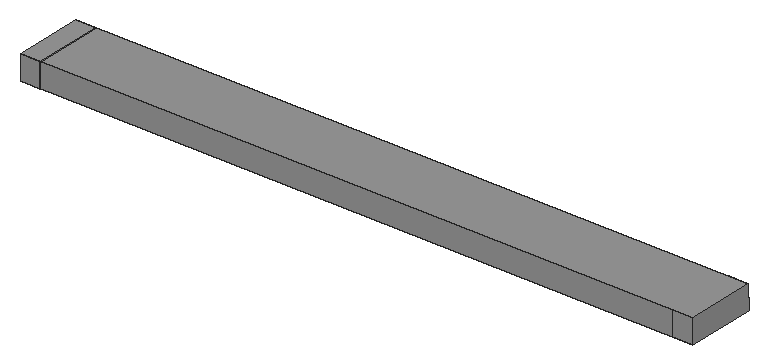
Revit family "DELFINA_4000K_4000LM", category Lighting Fixtures, host Ceiling, Revit 2021
Family settings
  Host = Ceiling
  Round Connector Dimension = Use Diameter
  Part Type = Normal
  OmniClass Number = 23.80.70.11
  OmniClass Title = Luminaries for Internal Lighting
  Always vertical = Yes
  Cut with Voids When Loaded = No
  Light Source = Yes
  Shared = No
  Room Calculation Point = No
Parameters (values of type "Type 1")
  Wattage = 26.9284 W
  built-in parameter 1150110 = 1 (stored number, unit not read)
  Type de lampe = "LED Smd 2835 Epistar"
  Type = "Plafonnier étanche"
  built-in parameter 1114217 = 1 (stored number, unit not read)
  Tilt Angle = 90.00°
  built-in parameter 1150109 = 1 (stored number, unit not read)
  built-in parameter 1150134 = 12
  built-in parameter 1150113 = 1 (stored number, unit not read)
  SDCM = "<6"
  Puissance nominale = "40W"
  Poids = "2,7 kgs"
  Photometric Web File = "google_eulumdat_converter (5).ies"
  Matériau = "PVC"
  Maintien du flux = "L80B10 (50 000 heures)"
  Lumens = 4000 lm
  built-in parameter 1150115 = 1 (stored number, unit not read)
  built-in parameter 1150105 = 1608.8 (stored number, unit not read)
  built-in parameter 1150137 = (empty or 0)
  built-in parameter 1150139 = (empty or 0)
  built-in parameter 1150112 = 1 (stored number, unit not read)
  built-in parameter 1150114 = 1 (stored number, unit not read)
  built-in parameter 1150132 = 2
  built-in parameter 1150102 = (empty or 0)
  built-in parameter 1150138 = (empty or 0)
  built-in parameter 1150107 = 4000 (stored number, unit not read)
  built-in parameter 1150106 = 16.088 (stored number, unit not read)
  IRC = ">80"
  Emit from Line Length = 609.6 mm
  built-in parameter 1150104 = 13.8 (stored number, unit not read)
  Durée de vie = "50 000 heures"
  Driver = "Driver GS"
  Dimming Lamp Color Temperature Shift = <None>
  Dimensions = "1200x124x43 mm"
  Diffuseur = "Polycarbonate"
  Default Elevation = 0 mm
  Color Filter = 16777215
  built-in parameter 1114218 = 1 (stored number, unit not read)
  built-in parameter 1150133 = 10 (stored number, unit not read)
  Angle d'éclairage = "120°"
  Alimentation = "AC 85-265V"
Reference planes
  plane 1 "Light Source Axis (F/B)": y = 0
  plane 2: z = 0
  plane 3 "Light Source Axis (L/R)": x = 0
  plane 4 "Ceiling": z = 4000
  plane 5 "Light Source Elevation": z = 3954.31
Forms (mm)
  Extrusion 1, solid, material "PVC, Flexible"
    sketch origin (0, 0, 4000) x (0, 1, 0) y (-1, 0, 0)
      loop
        line (62, 600) -> (-62, 600) -> (-62, 564.56) -> (62, 564.56) -> (62, 600)
    from -43 to 0
  Extrusion 2, solid, material "PVC, Flexible"
    sketch origin (0, 0, 4000) x (0, -1, 0) y (1, 0, 0)
      loop
        line (-62, 600) -> (-62, 564.56) -> (62, 564.56) -> (62, 600) -> (-62, 600)
    from -43 to 0
  Extrusion 3, solid, material "PVC, Flexible"
    sketch origin (0, 0, 4000) x (0, 1, 0) y (-1, 0, 0)
      loop
        line (62, 600) -> (-62, 600) -> (-62, -600) -> (62, -600) -> (62, 600)
    from -43 to 0
  Extrusion 4, void
    sketch origin (0, 0, 4000) x (0, 1, 0) y (-1, 0, 0)
      loop
        line (48.666, 564.56) -> (-47.139, 564.56) -> (-47.139, -564.56) -> (48.666, -564.56) -> (48.666, 564.56)
    from -48.101 to -10.963
  Extrusion 5, solid, material "Glass, White, High Luminance"
    sketch origin (0, 0, 4000) x (0, 1, 0) y (-1, 0, 0)
      loop
        line (48.666, 564.56) -> (-47.139, 564.56) -> (-47.139, -564.56) -> (48.666, -564.56) -> (48.666, 564.56)
    from -43 to -38.133
Cuts and joins
  Extrusion 4 cuts Extrusion 3
Lines and regions (mm)
  reference lines
    curve 1: line (0, 0, 4000) -> (0, 62, 4000)
    curve 2: line (0, 62, 4000) -> (600, 62, 4000)
    curve 3: line (600, 62, 4000) -> (600, -62, 4000)
    curve 4: line (600, -62, 4000) -> (-600, -62, 4000)
    curve 5: line (-600, -62, 4000) -> (-600, 62, 4000)
    curve 6: line (-600, 62, 4000) -> (0, 62, 4000)
    curve 7: line (0, 0, 4000) -> (0, 0, 3957)
    curve 8: line (0, 0, 3957) -> (-40, 0, 3957)
Dimensions and locks
  equal spacing: host sketch curve, plane 3 "Light Source Axis (L/R)", host sketch curve
  equal spacing: host sketch curve, plane 1 "Light Source Axis (F/B)", host sketch curve
  host sketch curve to host sketch curve = 4000 mm  (x2)
  plane 4 "Ceiling" to host ceiling = 0 mm
  aligned and locked: plane 1 "Light Source Axis (F/B)" to imposter light
  aligned and locked: plane 5 "Light Source Elevation" to imposter light
